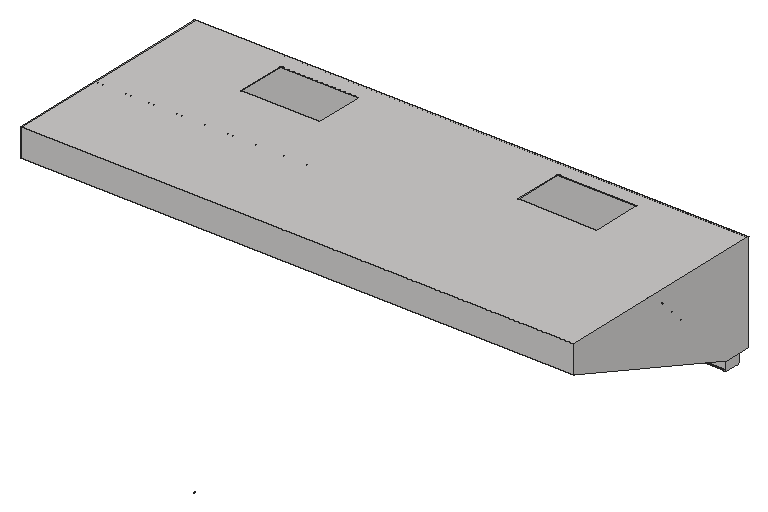
Revit family "QF_ELECTROLUXPROFESSIONAL_642093_MP1128DT", category Specialty Equipment, Revit 2014
Reference planes
  plane 1 "Center (Front/Back)": y = 0
  plane 2: z = 0
  plane 3 "Center (Left/Right)": x = 150
  plane 4 "LEFT": x = -1250
  plane 5 "RIGHT": x = 1550
  plane 6 "BACK": y = 550
  plane 7 "FRONT": y = -550
  plane 8 "Plane": z = 2000
  plane 9 "TOP": z = 2140
  plane 10 "Base": z = 1640
  plane 11: z = 1566
  plane 12 "DrainY": y = 485
  plane 13: x = -1247
  plane 14: through (0, 414.509, 1640.8) normal (0, 0.7314, 0.682)
  plane 15: y = 470
  plane 16: y = 220
  plane 17 "DrainX": x = 1430
  plane 18: x = -350
  plane 19: x = 650
  plane 20: x = -750
  plane 21: x = 1050
  plane 22: x = 1547
  plane 23: x = 1340
  plane 24: x = 1520
  plane 25: x = -1210
  plane 26: x = -845
  plane 27: x = -450
  plane 28: x = 1510
  plane 29: x = 1145
  plane 30: x = 750
Forms (mm)
  Extrusion 1, solid, material "QF_Finishes_Stainless Steel"
    sketch origin (-1250, 0, 0) x (0, 1, 0) y (0, 0, 1)
      loop
        line (550, 1640) -> (550, 2140) -> (-550, 2140) -> (-550, 1999.112) -> (413.973, 1640) -> (550, 1640)
    from 0 to 3
  Extrusion 2, solid, material "QF_Finishes_Stainless Steel"
    sketch origin (150, 0, 0) x (0, 1, 0) y (0, 0, 1)
      loop
        line (415.255, 1640) -> (550, 1640) -> (550, 2139.19) -> (549.2, 2139.19) -> (549.2, 1640.8) -> (415.876, 1640.8) -> (339.347, 1722.867) -> (349.609, 1732.436) -> (348.927, 1733.167) -> (337.934, 1722.917) -> (415.255, 1640)
      loop
        line (-82.203, 2139.19) -> (-82.203, 2118.6) -> (-31.047, 2118.6) -> (34.354, 2048.466) -> (46.028, 2059.352) -> (45.346, 2060.083) -> (34.403, 2049.879) -> (-30.612, 2119.6) -> (-81.203, 2119.6) -> (-81.203, 2139.19) -> (-82.203, 2139.19)
    from -1397 to 1397
  Extrusion 3, solid, material "QF_Finishes_Stainless Steel"
    sketch origin (1550, 0, 0) x (0, 1, 0) y (0, 0, 1)
      loop
        line (550, 1640) -> (550, 2140) -> (-550, 2140) -> (-550, 1999.112) -> (413.973, 1640) -> (550, 1640)
    from 0 to -3
  Extrusion 4, solid, material "QF_Finishes_Stainless Steel"
    sketch origin (150, 0, 0) x (0, 1, 0) y (0, 0, 1)
      loop
        line (-550, 2140) -> (-550, 2000) -> (-549.2, 2000) -> (-549.2, 2139.19) -> (550, 2139.19) -> (550, 2140) -> (-550, 2140)
    from -1400 to 1400
  Extrusion 5, solid, material "QF_Finishes_Stainless Steel"
    sketch origin (150, 0, 0) x (0, 1, 0) y (0, 0, 1)
      loop
        line (534, 1640) -> (436, 1640) -> (436, 1627) -> (443.5, 1627) -> (443.5, 1576)
        arc (443.5, 1576) -> (446.429, 1568.929) -> (453.5, 1566) r 10
        line (453.5, 1566) -> (516.5, 1566)
        arc (516.5, 1566) -> (523.571, 1568.929) -> (526.5, 1576) r 10
        line (526.5, 1576) -> (526.5, 1627) -> (534, 1627) -> (534, 1640)
    from 1190 to 1370
  Extrusion 6, solid, material "QF_Finishes_Stainless Steel"
    sketch origin (0, 0, 1640) x (0, 1, 0) y (-1, 0, 0)
      loop
        circle (485, -1430) r 20
    from -76 to -74
  Extrusion 7, solid, material "QF_Finished_Chrome"
    sketch origin (150, 0, 0) x (0, 1, 0) y (0, 0, 1)
      loop
        line (337.934, 1722.917) -> (341.591, 1726.327) -> (38.011, 2051.876) -> (34.354, 2048.466) -> (337.934, 1722.917)
    from -995 to -1360
  Extrusion 8, solid, material "QF_Finished_Chrome"
    sketch origin (150, 0, 0) x (0, 1, 0) y (0, 0, 1)
      loop
        line (337.934, 1722.917) -> (341.591, 1726.327) -> (38.011, 2051.876) -> (34.354, 2048.466) -> (337.934, 1722.917)
    from 600 to -600
  Extrusion 9, solid, material "QF_Finishes_Stainless Steel"
    sketch origin (150, 0, 0) x (0, 1, 0) y (0, 0, 1)
      loop
        line (337.934, 1722.917) -> (341.591, 1726.327) -> (38.011, 2051.876) -> (34.354, 2048.466) -> (337.934, 1722.917)
    from 1397 to 1360
  Extrusion 10, solid, material "QF_Finishes_Stainless Steel"
    sketch origin (150, 0, 0) x (0, 1, 0) y (0, 0, 1)
      loop
        line (341.588, 1726.324) -> (38.009, 2051.874) -> (34.354, 2048.466) -> (337.934, 1722.917) -> (341.588, 1726.324)
    from -995 to -600
  Extrusion 11, solid, material "QF_Finished_Chrome"
    sketch origin (150, 0, 0) x (0, 1, 0) y (0, 0, 1)
      loop
        line (341.588, 1726.324) -> (38.009, 2051.874) -> (34.354, 2048.466) -> (337.934, 1722.917) -> (341.588, 1726.324)
    from 995 to 1360
  Extrusion 12, void
    sketch origin (0, 0, 2140) x (0, 1, 0) y (-1, 0, 0)
      loop
        line (470, 750) -> (220, 750) -> (220, 350) -> (470, 350) -> (470, 750)
    from 0 to -10
  Extrusion 13, void
    sketch origin (940, 0, 2140) x (0, 1, 0) y (-1, 0, 0)
      loop
        line (470, 290) -> (220, 290) -> (220, -110) -> (470, -110) -> (470, 290)
    from 0 to -10
  Extrusion 14, solid, material "QF_Finishes_Stainless Steel"
    sketch origin (0, 0, 0) x (1, 0, 0) y (0, 1, 0)
      loop
        line (-1250, 550) -> (-1250, 549) -> (-1249, 549) -> (-1249, 550) -> (-1250, 550)
    from 0 to 1
  Extrusion 15, solid, material "QF_Finishes_Stainless Steel"
    sketch origin (150, 0, 0) x (0, 1, 0) y (0, 0, 1)
      loop
        line (337.934, 1722.917) -> (341.591, 1726.327) -> (38.011, 2051.876) -> (34.354, 2048.466) -> (337.934, 1722.917)
    from -1360 to -1397
  Extrusion 16, solid, material "QF_Finishes_Stainless Steel"
    sketch origin (150, 0, 0) x (0, 1, 0) y (0, 0, -1)
      loop
        line (341.588, -1726.324) -> (337.934, -1722.917) -> (34.354, -2048.466) -> (38.009, -2051.874) -> (341.588, -1726.324)
    from -995 to -600
Cuts and joins
  Extrusion 12, Extrusion 13 cuts Extrusion 4
  joined: Extrusion 2, Extrusion 4
Lines and regions (mm)
  reference lines
    curve 1: line (150, 34.354, 2048.466) -> (150, 34.354, 1888.466)
  symbolic lines, style "SpecialityEquipment", detail levels coarse
    curve 2: line (1550, 550, 2140) -> (-1250, 550, 2140)
    curve 3: line (-1250, 550, 2140) -> (-1250, -550, 2140)
    curve 4: line (1550, -550, 2140) -> (1550, 550, 2140)
    curve 5: line (-1250, -550, 2140) -> (1550, -550, 2140)
    curve 6: line (-750, 220, 2140) -> (-350, 220, 2140)
    curve 7: line (-750, 470, 2140) -> (-750, 220, 2140)
    curve 8: line (-350, 470, 2140) -> (-750, 470, 2140)
    curve 9: line (-350, 220, 2140) -> (-350, 470, 2140)
    curve 10: line (650, 470, 2140) -> (650, 220, 2140)
    curve 11: line (650, 220, 2140) -> (1050, 220, 2140)
    curve 12: line (1050, 470, 2140) -> (650, 470, 2140)
    curve 13: line (1050, 220, 2140) -> (1050, 470, 2140)
    curve 14: line (-1250, -550, 0) -> (1550, 550, 0)
    curve 15: line (1550, -550, 0) -> (-1250, 550, 0)
Dimensions and locks
  plane 4 "LEFT" to plane 5 "RIGHT" = 2800 mm
  equal spacing: plane 4 "LEFT", plane 3 "Center (Left/Right)", plane 5 "RIGHT"
  locked: plane 8 "Plane" to level at 2000
  plane 9 "TOP" to plane 8 "Plane" = 140 mm
  locked: plane 9 "TOP" to plane 10 "Base" at 500
  plane 10 "Base" to plane 11 = 74 mm
  plane 6 "BACK" to plane 12 "DrainY" = 65 mm  (x2)
  plane 4 "LEFT" to plane 13 = 3 mm
  plane 6 "BACK" to plane 15 = 80 mm
  plane 15 to plane 16 = 250 mm  (x2)
  plane 17 "DrainX" to plane 5 "RIGHT" = 120 mm
  locked: plane 18 to plane 19 at 1000
  equal spacing: plane 18, plane 3 "Center (Left/Right)", plane 19
  plane 20 to plane 18 = 400 mm
  plane 19 to plane 21 = 400 mm
  plane 22 to plane 5 "RIGHT" = 3 mm
  locked: plane 23 to plane 17 "DrainX" at 90
  locked: plane 17 "DrainX" to plane 24 at 90
  plane 6 "BACK" to plane 7 "FRONT" = 1100 mm  (x2)
  equal spacing: plane 6 "BACK", plane 1 "Center (Front/Back)", plane 7 "FRONT"
  plane 16 to plane 7 "FRONT" = 770 mm
  plane 15 to plane 6 "BACK" = 80 mm
  locked: plane 4 "LEFT" to plane 25 at 40
  locked: plane 25 to plane 26 at 365
  locked: plane 26 to plane 27 at 395
  locked: plane 28 to plane 29 at 365
  locked: plane 29 to plane 30 at 395
  locked: plane 28 to plane 5 "RIGHT" at 40
  plane 27 to plane 30 = 1200 mm
  aligned and locked: level to plane 2
  aligned and locked: Extrusion 2 to Extrusion 1
  aligned and locked: Extrusion 2 to Extrusion 3
  aligned and locked: plane 5 "RIGHT" to Extrusion 4
  aligned and locked: Extrusion 4 to plane 4 "LEFT"
  aligned and locked: plane 22 to Extrusion 9
  aligned and locked: plane 20 to Extrusion 12
  aligned and locked: Extrusion 12 to plane 18
  aligned and locked: Extrusion 12 to plane 16
  aligned and locked: Extrusion 12 to plane 15
  aligned and locked: Extrusion 13 to plane 21
  aligned and locked: plane 19 to Extrusion 13
  aligned and locked: Extrusion 2 to Extrusion 4
  aligned and locked: plane 24 to Extrusion 5
  aligned and locked: Extrusion 5 to plane 23
  aligned and locked: Extrusion 9 to plane 28
  aligned and locked: Extrusion 11 to plane 28
  aligned and locked: Extrusion 11 to plane 29
  aligned and locked: Extrusion 8 to plane 30
  aligned and locked: Extrusion 8 to plane 27
  aligned and locked: plane 27 to Extrusion 10
  aligned and locked: Extrusion 10 to plane 26
  aligned and locked: plane 26 to Extrusion 7
  aligned and locked: Extrusion 7 to plane 25
  aligned and locked: Extrusion 15 to plane 13
  aligned and locked: plane 25 to Extrusion 15
  aligned and locked: Extrusion 16 to plane 30
  aligned and locked: Extrusion 16 to plane 29
  aligned and locked: Extrusion 3 to plane 22
Automatic sketch dimensions
  curve 5 to plane 4 "LEFT" = 0 mm
  curve 5 to plane 7 "FRONT" = 0 mm
  curve 9 to plane 16 = 0 mm
  curve 10 to plane 16 = 0 mm
  plane 15 to curve 8 = 0 mm
  plane 15 to curve 12 = 0 mm
  curve 3 to plane 6 "BACK" = 0 mm
  curve 5 to plane 5 "RIGHT" = 0 mm
  curve 11 to plane 21 = 0 mm
  curve 10 to plane 19 = 0 mm
  curve 6 to plane 18 = 0 mm
  curve 6 to plane 20 = 0 mm
  Extrusion 1 sketch curve to plane 7 "FRONT" = 0 mm
  Extrusion 1 sketch curve to plane 10 "Base" = 0 mm
  Extrusion 1 sketch curve to plane 6 "BACK" = 0 mm
  Extrusion 1 sketch curve to plane 9 "TOP" = 0 mm
  plane 15 to Extrusion 1 sketch curve = 56.027 mm
  Extrusion 1 sketch curve to plane 8 "Plane" = 0.888 mm
  Extrusion 2 sketch curve to plane 14 = 0 mm  (x3)
  Extrusion 2 sketch curve to plane 10 "Base" = 0 mm
  plane 14 to Extrusion 2 sketch curve = 0 mm
  Extrusion 2 sketch curve to plane 6 "BACK" = 0 mm
  Extrusion 2 sketch curve to Extrusion 2 sketch curve = 65.646 mm
  Extrusion 2 sketch curve to Extrusion 2 sketch curve = 0.682 mm  (x2)
  Extrusion 2 sketch curve to Extrusion 2 sketch curve = 10.261 mm
  plane 10 "Base" to Extrusion 2 sketch curve = 82.917 mm
  Extrusion 2 sketch curve to plane 1 "Center (Front/Back)" = 46.028 mm
  Extrusion 2 sketch curve to Extrusion 2 sketch curve = 10.942 mm
  Extrusion 2 sketch curve to Extrusion 2 sketch curve = 0.049 mm
  Extrusion 2 sketch curve to plane 9 "TOP" = 20.4 mm
  Extrusion 2 sketch curve to plane 9 "TOP" = 21.4 mm
  Extrusion 2 sketch curve to plane 9 "TOP" = 0.81 mm  (x2)
  Extrusion 2 sketch curve to Extrusion 2 sketch curve = 50.156 mm
  Extrusion 2 sketch curve to Extrusion 2 sketch curve = 1 mm
  plane 10 "Base" to Extrusion 2 sketch curve = 0.8 mm
  Extrusion 2 sketch curve to plane 6 "BACK" = 0.8 mm
  Extrusion 3 sketch curve to plane 7 "FRONT" = 0 mm
  Extrusion 3 sketch curve to plane 10 "Base" = 0 mm
  Extrusion 3 sketch curve to plane 6 "BACK" = 0 mm
  Extrusion 3 sketch curve to plane 9 "TOP" = 0 mm
  plane 15 to Extrusion 3 sketch curve = 56.027 mm
  Extrusion 3 sketch curve to plane 8 "Plane" = 0.888 mm
  Extrusion 4 sketch curve to plane 7 "FRONT" = 0 mm
  Extrusion 4 sketch curve to plane 8 "Plane" = 0 mm
  Extrusion 4 sketch curve to plane 6 "BACK" = 0 mm
  Extrusion 4 sketch curve to plane 9 "TOP" = 0 mm
  plane 7 "FRONT" to Extrusion 4 sketch curve = 0.8 mm
  Extrusion 4 sketch curve to plane 9 "TOP" = 0.81 mm
  curve 1 to plane 14 = 0 mm
  curve 1 to plane 1 "Center (Front/Back)" = 34.354 mm
  curve 1 to plane 8 "Plane" = 111.534 mm
  Extrusion 5 sketch curve to plane 10 "Base" = 0 mm
  Extrusion 5 sketch curve to plane 11 = 0 mm
  Extrusion 5 sketch curve to plane 10 "Base" = 13 mm  (x2)
  plane 15 to Extrusion 5 sketch curve = 34 mm
  Extrusion 5 sketch curve to Extrusion 5 sketch curve = 7.5 mm  (x2)
  Extrusion 5 sketch curve to Extrusion 5 sketch curve = 10 mm
  plane 12 "DrainY" to Extrusion 5 sketch curve = 31.5 mm
  Extrusion 5 sketch curve to plane 6 "BACK" = 23.5 mm
  Extrusion 6 sketch curve to plane 12 "DrainY" = 0 mm
  Extrusion 6 sketch curve to plane 17 "DrainX" = 0 mm
  Extrusion 7 sketch curve to plane 14 = 0 mm  (x2)
  Extrusion 7 sketch curve to plane 1 "Center (Front/Back)" = 34.354 mm
  Extrusion 7 sketch curve to Extrusion 7 sketch curve = 3.657 mm
  plane 10 "Base" to Extrusion 7 sketch curve = 82.917 mm
  Extrusion 8 sketch curve to plane 14 = 0 mm  (x2)
  Extrusion 8 sketch curve to plane 1 "Center (Front/Back)" = 34.354 mm
  Extrusion 8 sketch curve to Extrusion 8 sketch curve = 3.657 mm
  plane 10 "Base" to Extrusion 8 sketch curve = 82.917 mm
  Extrusion 9 sketch curve to plane 14 = 0 mm  (x2)
  Extrusion 9 sketch curve to plane 1 "Center (Front/Back)" = 34.354 mm
  Extrusion 9 sketch curve to Extrusion 9 sketch curve = 3.657 mm
  plane 10 "Base" to Extrusion 9 sketch curve = 82.917 mm
  Extrusion 10 sketch curve to plane 14 = 0 mm  (x2)
  Extrusion 10 sketch curve to plane 1 "Center (Front/Back)" = 34.354 mm
  Extrusion 10 sketch curve to Extrusion 10 sketch curve = 3.655 mm
  plane 10 "Base" to Extrusion 10 sketch curve = 82.917 mm
  Extrusion 11 sketch curve to plane 14 = 0 mm  (x2)
  Extrusion 11 sketch curve to plane 1 "Center (Front/Back)" = 34.354 mm
  Extrusion 11 sketch curve to Extrusion 11 sketch curve = 3.655 mm
  plane 10 "Base" to Extrusion 11 sketch curve = 82.917 mm
  Extrusion 12 sketch curve to plane 16 = 0 mm
  plane 15 to Extrusion 12 sketch curve = 0 mm
  Extrusion 12 sketch curve to plane 18 = 0 mm
  Extrusion 12 sketch curve to plane 20 = 0 mm
  Extrusion 13 sketch curve to plane 16 = 0 mm
  plane 15 to Extrusion 13 sketch curve = 0 mm
  Extrusion 13 sketch curve to plane 21 = 0 mm
  Extrusion 13 sketch curve to plane 19 = 0 mm
  Extrusion 14 sketch curve to plane 4 "LEFT" = 0 mm
  Extrusion 14 sketch curve to plane 6 "BACK" = 0 mm
  plane 4 "LEFT" to Extrusion 14 sketch curve = 1 mm
  Extrusion 14 sketch curve to plane 6 "BACK" = 1 mm
  Extrusion 15 sketch curve to plane 14 = 0 mm  (x2)
  Extrusion 15 sketch curve to plane 1 "Center (Front/Back)" = 34.354 mm
  Extrusion 15 sketch curve to Extrusion 15 sketch curve = 3.657 mm
  plane 10 "Base" to Extrusion 15 sketch curve = 82.917 mm
  Extrusion 16 sketch curve to plane 14 = 0 mm  (x2)
  Extrusion 16 sketch curve to plane 1 "Center (Front/Back)" = 34.354 mm
  Extrusion 16 sketch curve to Extrusion 16 sketch curve = 3.655 mm
  plane 10 "Base" to Extrusion 16 sketch curve = 82.917 mm
  curve 15 to plane 4 "LEFT" = 0 mm
  curve 14 to plane 4 "LEFT" = 0 mm
  curve 15 to plane 5 "RIGHT" = 0 mm
  curve 14 to plane 5 "RIGHT" = 0 mm
  curve 15 to plane 7 "FRONT" = 0 mm
  curve 14 to plane 7 "FRONT" = 0 mm
  curve 15 to plane 6 "BACK" = 0 mm
  curve 14 to plane 6 "BACK" = 0 mm
  radius of Extrusion 6 sketch curve = 20 mm
Connectors
  piping at (1430, 485, 1564), diameter 20
    settings: on Extrusion 6, index 1, connector inside diameter 609.6 mm, connector length 0 mm, flow factor 0, pipe flow 0.0 L/s, pressure drop 0.0 Pa, fitting loss kfactor 0, connector angle 0.00°, fixture units 0, engagement length 0 mm, angle of deflection 0.00°, flow configuration 1, flow direction 2, fitting loss method 0, system type 16, joint type 0, gender type 0, connector reference index -1, connector utility 0, adjustable connector no, is connector primary yes, connector description "Drain"
  hvac at (-550, 345, 2140)
    settings: on Extrusion 12, index 2, duct flow 0.0 L/s, flow factor 0, pres drop 0.0 Pa, loss coef 0, conn angle 0.00°, conn width 250 mm, conn height 400 mm, conn diameter 609.6 mm, duct sys type 3, conn prof type 1, flow config 1, flow direction 0, loss method 0, conn ref index -1, conn util no, is conn primary yes, conn desc "EXHAUST OUTLET"
  hvac at (850, 345, 2140)
    settings: on Extrusion 13, index 3, duct flow 0.0 L/s, flow factor 0, pres drop 0.0 Pa, loss coef 0, conn angle 0.00°, conn width 250 mm, conn height 400 mm, conn diameter 609.6 mm, duct sys type 3, conn prof type 1, flow config 1, flow direction 0, loss method 0, conn ref index -1, conn util no, is conn primary no, conn desc "EXHAUST OUTLET"
